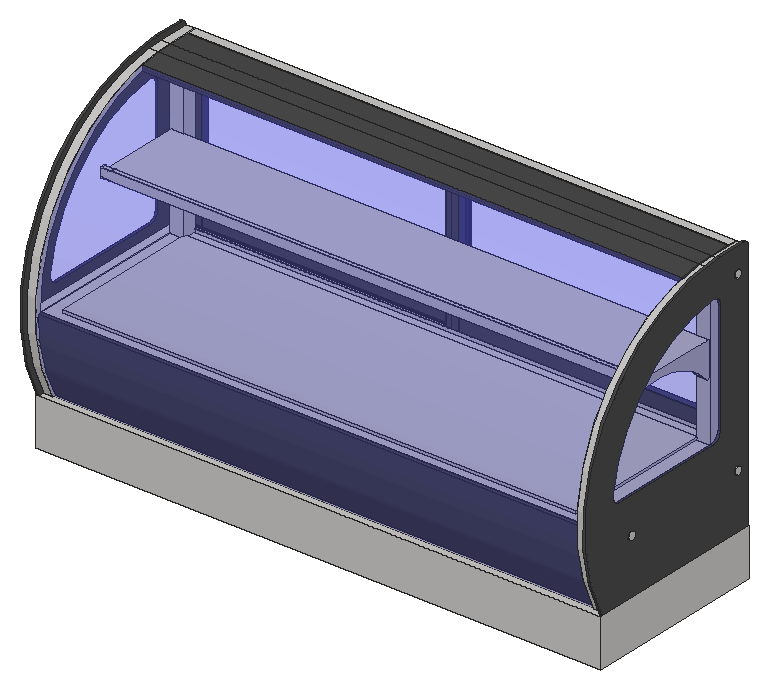
Revit family "Qf_Vollrath_HDC9260_Heated_Display_Case_Curved_Countertop-60 inches_cat", category Specialty Equipment, Revit 2019
Family settings
  Round Connector Dimension = Use Diameter
  Part Type = Normal
  Work Plane-Based = No
  Always vertical = Yes
  Cut with Voids When Loaded = No
  Shared = No
  Room Calculation Point = No
Parameters
  Weight in Pounds = 414.5
  Watts = Volts * FL Amps  # 696 W
  Volts = 120 V
  URL Cutsheet = ""
  Specification by User = ""
  Specification by Manufacturer = ""
  Serial Number = ""
  Seismic Rating = ""
  SMACNA No = ""
  Revision Code = ""
  Phase = 0
  Number of Poles = 1
  NAFEM Spec ID Number = ""
  Model = "HDC9260"
  Min Ckt Ampacity = 0 A
  Max Overcurrent Protection = 0 A
  Masterspec = ""
  Manufacturer = "Vollrath"
  Length = 59.9"
  Item Number = ""
  Installed By = ""
  Identify Quantity as Lot = yes
  Height = 32.0"
  HP = ""
  Furnished By = ""
  Foodservice Equipment Identifier = yes
  FL Amps = 5.8 A
  Electrical Remarks = ""
  Electric Connection Type = ""
  Elec Conn RI Height = 0.0"
  Elec Conn Connection Height = 0.0"
  Description = "Heated Display Case Curved Countertop-60\""
  Depth = 21.5"
  Cycle = 50 Hz
  Conn Plug = "NEMA 5-15P"
  Conn Conduit = yes
  CSI MasterFormat = ""
  Apparent Power = 0 VA
Reference planes (in)
  plane 1 "BACK": y = 0
  plane 2: z = 0
  plane 3 "LEFT": x = 0
  plane 4 "RIGHT": x = 59.9
  plane 5 "FRONT": y = -21.5
  plane 6 "TOP": z = 32
  plane 7 "Center Y": x = 29.95
  plane 8 "Center X": y = -10.75
  plane 9: x = 0.2
  plane 10: x = 0.45
  plane 11: x = 1.45
  plane 12: x = 59.7
  plane 13: x = 59.45
  plane 14: x = 58.45
  plane 15: z = 5
  plane 16: z = 22.08957
  plane 17: z = 30.55413
  plane 18: z = 13.66535
  plane 19: z = 15.3376
  plane 20: x = 2.2
  plane 21: y = -19.4
  plane 22: y = -17.14961
  plane 23: y = -3.20977
  plane 24: z = 29.82972
  plane 25: z = 28.6565
  plane 26: y = -7
  plane 27: x = 47.9
  plane 28: x = 23.95
Forms (in)
  Extrusion 1, solid, material "QF_Plastic_Black_Smooth"
    sketch origin (0.2, -21.42126, 48) x (0, -1, 0) y (0, 0, 1)
      loop
        line (-21.42126, -43) -> (-2.12853, -43)
        arc (-2.12853, -43) -> (-2.38846, -25.11346) -> (-17.78134, -16) r 18.29374
        line (-17.78134, -16) -> (-20.92126, -16)
        arc (-20.92126, -16) -> (-21.27481, -16.14645) -> (-21.42126, -16.5) r 0.5
        line (-21.42126, -16.5) -> (-21.42126, -43)
      loop
        arc (-17.79626, -32.38281) -> (-17.50337, -33.08992) -> (-16.79626, -33.38281) r 1
        line (-16.79626, -33.38281) -> (-4.56841, -33.38281)
        arc (-4.56841, -33.38281) -> (-3.81404, -33.03926) -> (-3.578, -32.24465) r 1
        arc (-3.578, -32.24465) -> (-7.95104, -23.64903) -> (-16.69233, -19.57498) r 14.79374
        arc (-16.69233, -19.57498) -> (-17.46561, -19.82662) -> (-17.79626, -20.56956) r 1
        line (-17.79626, -20.56956) -> (-17.79626, -32.38281)
    from 0 to -0.25
  Extrusion 2, solid, material "QF_Metal_Stainless_Polished"
    sketch origin (0.2, -21.42126, 48) x (0, -1, 0) y (0, 0, 1)
      loop
        circle (-19.8516, -37.03027) r 0.375
      loop
        circle (-5.88554, -37.03027) r 0.375
      loop
        circle (-19.8516, -18.47074) r 0.375
    from 0 to 0.2
  Extrusion 3, solid, material "QF_Metal_Stainless_Polished"
    sketch origin (0.45, -21.42126, 48.39448) x (0, -1, 0) y (0, 0, 1)
      loop
        line (-21.42126, -39.76948) -> (-20.42126, -39.76948) -> (-20.42126, -43.39448) -> (-2.71443, -43.39448)
        arc (-2.71443, -43.39448) -> (-2.46109, -26.43911) -> (-16.52881, -16.97084) r 17.79374
        arc (-16.52881, -16.97084) -> (-17.32478, -16.91358) -> (-18.12259, -16.89448) r 16.6716
        line (-18.12259, -16.89448) -> (-21.42126, -16.89448) -> (-21.42126, -39.76948)
      loop
        line (-20.92126, -34.72913) -> (-0.93618, -34.72913)
        arc (-0.93618, -34.72913) -> (-5.83712, -22.62102) -> (-17.80828, -17.39448) r 17.29374
        line (-17.80828, -17.39448) -> (-20.92126, -17.39448) -> (-20.92126, -34.72913)
    from 0 to -1
  Extrusion 4, solid, material "QF_Metal_Stainless_Polished"
    sketch origin (1.45, -21.42126, 48.39448) x (0, -1, 0) y (0, 0, 1)
      loop
        line (-20.01969, -34.46605) -> (-19.99213, -34.50992) -> (-19.99213, -34.6435) -> (-20.83465, -34.6435) -> (-20.83465, -34.50992) -> (-20.80709, -34.46605) -> (-20.80709, -34.35609)
        arc (-20.80709, -34.35609) -> (-20.81285, -34.34217) -> (-20.82677, -34.33641) r 0.01969
        line (-20.82677, -34.33641) -> (-20.90551, -34.33641)
        arc (-20.90551, -34.33641) -> (-20.91943, -34.34217) -> (-20.9252, -34.35609) r 0.01969
        line (-20.9252, -34.35609) -> (-20.9252, -34.46605) -> (-20.89764, -34.50992) -> (-20.89764, -34.6435) -> (-21.31102, -34.6435) -> (-21.31102, -34.36003) -> (-21.35827, -34.36003) -> (-21.35827, -34.72913) -> (-19.4685, -34.72913) -> (-19.4685, -34.36003) -> (-19.51575, -34.36003) -> (-19.51575, -34.6435) -> (-19.92913, -34.6435) -> (-19.92913, -34.50992) -> (-19.90157, -34.46605) -> (-19.90157, -34.35609)
        arc (-19.90157, -34.35609) -> (-19.90734, -34.34217) -> (-19.92126, -34.33641) r 0.01969
        line (-19.92126, -34.33641) -> (-20, -34.33641)
        arc (-20, -34.33641) -> (-20.01392, -34.34217) -> (-20.01969, -34.35609) r 0.01969
        line (-20.01969, -34.35609) -> (-20.01969, -34.46605)
    from 0 to -57
  Extrusion 5, solid, material "QF_Metal_Stainless_Polished"
    sketch origin (2.2, -3.37008, 49.48438) x (0, -1, 0) y (0, 0, 1)
      loop
        arc (8.55463, -26.77657) -> (8.65652, -26.76316) -> (8.75148, -26.72383) r 0.3937
        line (8.75148, -26.72383) -> (9.31447, -26.39879)
        arc (9.31447, -26.39879) -> (9.33464, -26.37861) -> (9.34203, -26.35105) r 0.05512
        line (9.34203, -26.35105) -> (9.34203, -25.45374)
        arc (9.34203, -25.45374) -> (9.32588, -25.41477) -> (9.28691, -25.39862) r 0.05512
        line (9.28691, -25.39862) -> (8.9247, -25.39862)
        arc (8.9247, -25.39862) -> (8.88573, -25.41477) -> (8.86959, -25.45374) r 0.05512
        line (8.86959, -25.45374) -> (8.86959, -25.91043)
        arc (8.86959, -25.91043) -> (8.85581, -25.92421) -> (8.84203, -25.91043) r 0.01378
        line (8.84203, -25.91043) -> (0, -25.91043) -> (0, -29.52049)
        arc (0, -29.52049) -> (0.07688, -29.63117) -> (0.20744, -29.59776) r 0.11811
        arc (0.20744, -29.59776) -> (2.98552, -27.51532) -> (6.37795, -26.77657) r 8.15869
        line (6.37795, -26.77657) -> (8.55463, -26.77657)
    from -0.5 to 0.5
  Extrusion 6, solid, material "QF_Plastic_Black_Smooth"
    sketch origin (46.07697, 0, 15.3376) x (0, 1, 0) y (1, 0, 0)
      loop
        line (-0.38189, -15.47047) -> (-0.38189, -15.3878)
        arc (-0.38189, -15.3878) -> (-0.40296, -15.36682) -> (-0.42944, -15.38034) r 0.02532
        arc (-0.42944, -15.38034) -> (-0.55527, -15.45742) -> (-0.6811, -15.38034) r 0.14124
        arc (-0.6811, -15.38034) -> (-0.70758, -15.36682) -> (-0.72866, -15.3878) r 0.02532
        line (-0.72866, -15.3878) -> (-0.72866, -15.47441) -> (-0.79917, -15.47441) -> (-0.82677, -15.55025) -> (-0.82677, -16.24213) -> (-0.96063, -16.19341) -> (-0.96063, -16.84843) -> (-0.14961, -16.84843) -> (-0.14961, -16.24213) -> (-0.34646, -16.24213) -> (-0.34646, -15.65945) -> (-0.16929, -15.65945)
        arc (-0.16929, -15.65945) -> (-0.15537, -15.65368) -> (-0.14961, -15.63976) r 0.01969
        line (-0.14961, -15.63976) -> (-0.14961, -15.49016)
        arc (-0.14961, -15.49016) -> (-0.15537, -15.47624) -> (-0.16929, -15.47047) r 0.01969
        line (-0.16929, -15.47047) -> (-0.38189, -15.47047)
    from 1.58661 to -14.49213
  Extrusion 7, solid, material "QF_Plastic_Black_Smooth"
    sketch origin (34.15041, 0, 15.3376) x (0, 1, 0) y (1, 0, 0)
      loop
        line (-0.38189, -32.59646) -> (-0.16929, -32.59646)
        arc (-0.16929, -32.59646) -> (-0.15537, -32.59069) -> (-0.14961, -32.57677) r 0.01969
        line (-0.14961, -32.57677) -> (-0.14961, -32.42717)
        arc (-0.14961, -32.42717) -> (-0.15537, -32.41325) -> (-0.16929, -32.40748) r 0.01969
        line (-0.16929, -32.40748) -> (-0.34646, -32.40748) -> (-0.34646, -31.8248) -> (-0.14961, -31.8248) -> (-0.14961, -31.2185) -> (-0.96063, -31.2185) -> (-0.96063, -31.87352) -> (-0.82677, -31.8248) -> (-0.82677, -32.51668) -> (-0.79917, -32.59252) -> (-0.72866, -32.59252) -> (-0.72866, -32.67913)
        arc (-0.72866, -32.67913) -> (-0.70758, -32.70011) -> (-0.6811, -32.68659) r 0.02532
        arc (-0.6811, -32.68659) -> (-0.55527, -32.60951) -> (-0.42944, -32.68659) r 0.14124
        arc (-0.42944, -32.68659) -> (-0.40296, -32.70011) -> (-0.38189, -32.67913) r 0.02532
        line (-0.38189, -32.67913) -> (-0.38189, -32.59646)
    from 1.58661 to -14.49213
  Extrusion 8, solid, material "QF_Plastic_Black_Smooth"
    sketch origin (73.81652, -0.90551, 15.3376) x (0, 1, 0) y (1, 0, 0)
      loop
        line (-0.38189, -15.47047) -> (-0.38189, -15.3878)
        arc (-0.38189, -15.3878) -> (-0.40296, -15.36682) -> (-0.42944, -15.38034) r 0.02532
        arc (-0.42944, -15.38034) -> (-0.55527, -15.45742) -> (-0.6811, -15.38034) r 0.14124
        arc (-0.6811, -15.38034) -> (-0.70758, -15.36682) -> (-0.72866, -15.3878) r 0.02532
        line (-0.72866, -15.3878) -> (-0.72866, -15.47441) -> (-0.79917, -15.47441) -> (-0.82677, -15.55025) -> (-0.82677, -16.24213) -> (-0.96063, -16.19341) -> (-0.96063, -16.84843) -> (-0.14961, -16.84843) -> (-0.14961, -16.24213) -> (-0.34646, -16.24213) -> (-0.34646, -15.65945) -> (-0.16929, -15.65945)
        arc (-0.16929, -15.65945) -> (-0.15537, -15.65368) -> (-0.14961, -15.63976) r 0.01969
        line (-0.14961, -15.63976) -> (-0.14961, -15.49016)
        arc (-0.14961, -15.49016) -> (-0.15537, -15.47624) -> (-0.16929, -15.47047) r 0.01969
        line (-0.16929, -15.47047) -> (-0.38189, -15.47047)
    from 1.58661 to -14.49213
  Extrusion 9, solid, material "QF_Plastic_Black_Smooth"
    sketch origin (61.88996, -0.90551, 15.3376) x (0, 1, 0) y (1, 0, 0)
      loop
        line (-0.38189, -32.59646) -> (-0.16929, -32.59646)
        arc (-0.16929, -32.59646) -> (-0.15537, -32.59069) -> (-0.14961, -32.57677) r 0.01969
        line (-0.14961, -32.57677) -> (-0.14961, -32.42717)
        arc (-0.14961, -32.42717) -> (-0.15537, -32.41325) -> (-0.16929, -32.40748) r 0.01969
        line (-0.16929, -32.40748) -> (-0.34646, -32.40748) -> (-0.34646, -31.8248) -> (-0.14961, -31.8248) -> (-0.14961, -31.2185) -> (-0.96063, -31.2185) -> (-0.96063, -31.87352) -> (-0.82677, -31.8248) -> (-0.82677, -32.51668) -> (-0.79917, -32.59252) -> (-0.72866, -32.59252) -> (-0.72866, -32.67913)
        arc (-0.72866, -32.67913) -> (-0.70758, -32.70011) -> (-0.6811, -32.68659) r 0.02532
        arc (-0.6811, -32.68659) -> (-0.55527, -32.60951) -> (-0.42944, -32.68659) r 0.14124
        arc (-0.42944, -32.68659) -> (-0.40296, -32.70011) -> (-0.38189, -32.67913) r 0.02532
        line (-0.38189, -32.67913) -> (-0.38189, -32.59646)
    from 1.58661 to -14.49213
  Extrusion 10, solid, material "QF_Plastic_Black_Smooth"
    sketch origin (56.9799, -1.05512, 15.3376) x (1, 0, 0) y (0, 0, -1)
      loop
        line (-0.01181, -0.08661) -> (-0.01181, 1.58661) -> (-26.30845, 1.58661) -> (-26.30845, -0.08661) -> (-0.01181, -0.08661)
      loop
        line (-0.01181, -13.3189) -> (-26.30845, -13.3189) -> (-26.30845, -14.49213) -> (-0.01181, -14.49213) -> (-0.01181, -13.3189)
    from 0 to -0.81102
  Extrusion 11, solid, material "QF_Plastic_Black_Smooth"
    sketch origin (23.24035, -0.14961, 15.3376) x (1, 0, 0) y (0, 0, -1)
      loop
        line (5.98819, -0.08661) -> (5.98819, 1.58661) -> (-20.30845, 1.58661) -> (-20.30845, -0.08661) -> (5.98819, -0.08661)
      loop
        line (5.98819, -13.3189) -> (-20.30845, -13.3189) -> (-20.30845, -14.49213) -> (5.98819, -14.49213) -> (5.98819, -13.3189)
    from 0 to -0.81102
  Extrusion 12, solid, material "Glass"
    sketch origin (56.96809, -1.05512, 15.42421) x (-1, 0, 0) y (0, -1, 0)
      loop
        line (0, 0.13) -> (26.29664, 0.13) -> (26.29664, 0.69102) -> (0, 0.69102) -> (0, 0.13)
      loop
        line (27.73955, -0.77551) -> (54.03618, -0.77551) -> (54.03618, -0.22449) -> (27.73955, -0.22449) -> (27.73955, -0.77551)
    from 0 to 13.23228
  Extrusion 13, solid, material "QF_Metal_Stainless_Polished"
    sketch origin (0, 0, -5) x (1, 0, 0) y (0, 0, 1)
      loop
        line (58.45, 36.5) -> (1.45, 36.5) -> (1.45, 35.35728) -> (58.45, 35.35728) -> (58.45, 36.5)
    from 0 to 1
  Extrusion 14, solid, material "QF_Metal_Stainless_Polished"
    sketch origin (-45.07972, -0.125, 0) x (1, 0, 0) y (0, 0, 1)
      loop
        line (103.00216, 13.66535) -> (103.52972, 13.66535) -> (103.52972, 30.35728) -> (46.52972, 30.35728) -> (46.52972, 13.66535) -> (47.05728, 13.66535) -> (47.05728, 29.82972) -> (103.00216, 29.82972) -> (103.00216, 13.66535)
    from 0 to 0.125
  Extrusion 15, solid, material "QF_Metal_Stainless_Polished"
    sketch origin (33.31121, 0, 13.66535) x (0, 1, 0) y (1, 0, 0)
      loop
        line (-1.95276, -31.86121) -> (-1.95276, -30.36121) -> (-3.37008, -30.36121) -> (-3.37008, -31.86121) -> (-1.95276, -31.86121)
      loop
        line (-1.95276, 25.13879) -> (-3.37008, 25.13879) -> (-3.37008, 23.63879) -> (-1.95276, 23.63879) -> (-1.95276, 25.13879)
    from 0 to -17.33465
  Extrusion 16, solid, material "QF_Metal_Stainless_Polished"
    sketch origin (2.7, -3.37008, 49.48438) x (0, 1, 0) y (0, 0, 1)
      loop
        line (0, -25.91043) -> (-8.84203, -25.91043)
        arc (-8.84203, -25.91043) -> (-8.85581, -25.92421) -> (-8.86959, -25.91043) r 0.01378
        line (-8.86959, -25.91043) -> (-8.86959, -25.45374)
        arc (-8.86959, -25.45374) -> (-8.88573, -25.41477) -> (-8.9247, -25.39862) r 0.05512
        line (-8.9247, -25.39862) -> (-9.28691, -25.39862)
        arc (-9.28691, -25.39862) -> (-9.32588, -25.41477) -> (-9.34203, -25.45374) r 0.05512
        line (-9.34203, -25.45374) -> (-9.34203, -26.35105) -> (0, -26.35105) -> (0, -25.91043)
    from 0 to 54.5
  Extrusion 17, solid, material "QF_Metal_Stainless_Polished"
    sketch origin (-79.5026, 0, 0) x (1, 0, 0) y (0, 0, 1)
      loop
        line (80.9526, 13.66437) -> (80.9526, 8.625) -> (137.9526, 8.625) -> (137.9526, 13.66437) -> (80.9526, 13.66437)
    from 0 to 3
  Extrusion 18, solid, material "QF_Metal_Stainless_Polished"
    sketch origin (-79.5026, 0, 0) x (1, 0, 0) y (0, 0, 1)
      loop
        line (138.35516, 0) -> (138.35516, 0.70374) -> (80.55004, 0.70374) -> (80.55004, 0) -> (138.35516, 0)
    from 3 to 0.5
  Extrusion 19, solid, material "QF_Metal_Stainless_Polished"
    sketch origin (-55.5026, 0, 0) x (1, 0, 0) y (0, 0, 1)
      loop
        line (114.35516, 0.70374) -> (114.35516, 8.625) -> (113.13862, 8.625) -> (113.13862, 0.70374) -> (114.35516, 0.70374)
    from 3 to 0.5
  Extrusion 20, solid, material "QF_Metal_Stainless_Polished"
    sketch origin (-80.67976, 0, 0) x (1, 0, 0) y (0, 0, 1)
      loop
        line (138.31579, 0.70374) -> (138.31579, 8.625) -> (89.52248, 8.625) -> (89.52248, 0.70374) -> (138.31579, 0.70374)
    from 3 to 0.5
  Extrusion 21, solid, material "QF_Metal_Stainless_Polished"
    sketch origin (-105.47307, 0, 0) x (1, 0, 0) y (0, 0, 1)
      loop
        line (114.31579, 0.70374) -> (114.31579, 8.625) -> (113.41027, 8.625) -> (113.41027, 0.70374) -> (114.31579, 0.70374)
    from 3 to 0.5
  Extrusion 22, solid, material "QF_Metal_Stainless_Polished"
    sketch origin (-106.37858, 0, 0) x (1, 0, 0) y (0, 0, 1)
      loop
        line (114.31579, 0.70374) -> (114.31579, 8.625) -> (108.60712, 8.625) -> (108.60712, 0.70374) -> (114.31579, 0.70374)
    from 3 to 0.5
  Extrusion 23, solid, material "QF_Metal_Stainless_Polished"
    sketch origin (-112.08724, 0, 0) x (1, 0, 0) y (0, 0, 1)
      loop
        line (114.31579, 0.70374) -> (114.31579, 8.625) -> (113.13468, 8.625) -> (113.13468, 0.70374) -> (114.31579, 0.70374)
    from 3 to 0.5
  Extrusion 24, solid, material "QF_Metal_Stainless_Polished"
    sketch origin (-79.5026, 0, 0) x (-1, 0, 0) y (0, 0, 1)
      loop
        line (-81.14413, 11.28248) -> (-84.95201, 11.28248)
        arc (-84.95201, 11.28248) -> (-85.01854, 11.25492) -> (-85.0461, 11.18839) r 0.09409
        line (-85.0461, 11.18839) -> (-85.0461, 8.87657)
        arc (-85.0461, 8.87657) -> (-85.01854, 8.81004) -> (-84.95201, 8.78248) r 0.09409
        line (-84.95201, 8.78248) -> (-81.14413, 8.78248)
        arc (-81.14413, 8.78248) -> (-81.0776, 8.81004) -> (-81.05004, 8.87657) r 0.09409
        line (-81.05004, 8.87657) -> (-81.05004, 11.18839)
        arc (-81.05004, 11.18839) -> (-81.0776, 11.25492) -> (-81.14413, 11.28248) r 0.09409
    from 0 to 0.06
  Extrusion 25, solid, material "QF_Metal_Stainless_Polished"
    sketch origin (0, 0, 0) x (1, 0, 0) y (0, 1, 0)
      loop
        line (59.7, 0) -> (58.85256, 0) -> (58.85256, -3) -> (1.04744, -3) -> (1.04744, 0) -> (0.2, 0) -> (0.2, -19.4) -> (59.7, -19.4) -> (59.7, 0)
    from 0 to 5
  Extrusion 26, solid, material "QF_Metal_Stainless_Polished"
    sketch origin (0, 0, 0) x (1, 0, 0) y (0, 0, 1)
      loop
        line (0.45, 8.625) -> (0.45, 5) -> (1.04744, 5) -> (1.04744, 8.625) -> (0.45, 8.625)
      loop
        line (59.45, 8.625) -> (58.85256, 8.625) -> (58.85256, 5) -> (59.45, 5) -> (59.45, 8.625)
    from 0 to 1
  Extrusion 27, solid, material "QF_Plastic_Black_Smooth"
    sketch origin (7.23536, -0.5, 1.36639) x (0, -0.34076, 0.94015) y (1, 0, 0)
      loop
        line (4.80772, -0.13) -> (0.38, -0.13)
        arc (0.38, -0.13) -> (0.20322, -0.20322) -> (0.13, -0.38) r 0.25
        line (0.13, -0.38) -> (0.13, -3.92346)
        arc (0.13, -3.92346) -> (0.20322, -4.10023) -> (0.38, -4.17346) r 0.25
        line (0.38, -4.17346) -> (4.80772, -4.17346)
        arc (4.80772, -4.17346) -> (4.98449, -4.10023) -> (5.05772, -3.92346) r 0.25
        line (5.05772, -3.92346) -> (5.05772, -0.38)
        arc (5.05772, -0.38) -> (4.98449, -0.20322) -> (4.80772, -0.13) r 0.25
    from 0 to 0.06
  Extrusion 28, solid, material "QF_Plastic_White_Smooth"
    sketch origin (7.23536, -0.44359, 1.38683) x (0, -0.34076, 0.94015) y (1, 0, 0)
      loop
        circle (0.93442, -3.29352) r 0.5
    from 0 to 0.25
  Extrusion 29, solid, material "QF_Plastic_Black_Smooth"
    sketch origin (7.23536, -0.44359, 1.38683) x (0, -0.34076, 0.94015) y (1, 0, 0)
      loop
        arc (4.45141, -0.68195) -> (3.82641, -0.37591) -> (3.20141, -0.68195) r 0.79121
        line (3.20141, -0.68195) -> (3.20141, -3.6215)
        arc (3.20141, -3.6215) -> (3.82641, -3.92755) -> (4.45141, -3.6215) r 0.79121
        line (4.45141, -3.6215) -> (4.45141, -0.68195)
    from 0 to 0.06
  Extrusion 30, solid, material "QF_Plastic_Black_Smooth"
    sketch origin (-75.7526, 0, 0) x (-1, 0, 0) y (0, 0, 1)
      loop
        line (-77.49689, 13.52657) -> (-81.11894, 13.52657)
        arc (-81.11894, 13.52657) -> (-81.25813, 13.46892) -> (-81.31579, 13.32972) r 0.19685
        line (-81.31579, 13.32972) -> (-81.31579, 11.59744)
        arc (-81.31579, 11.59744) -> (-81.25813, 11.45825) -> (-81.11894, 11.40059) r 0.19685
        line (-81.11894, 11.40059) -> (-77.49689, 11.40059)
        arc (-77.49689, 11.40059) -> (-77.35769, 11.45825) -> (-77.30004, 11.59744) r 0.19685
        line (-77.30004, 11.59744) -> (-77.30004, 13.32972)
        arc (-77.30004, 13.32972) -> (-77.35769, 13.46892) -> (-77.49689, 13.52657) r 0.19685
      loop
        line (-81.41421, 8.97933) -> (-81.41421, 11.2628)
        arc (-81.41421, 11.2628) -> (-81.47187, 11.40199) -> (-81.61106, 11.45965) r 0.19685
        line (-81.61106, 11.45965) -> (-84.17012, 11.45965)
        arc (-84.17012, 11.45965) -> (-84.30931, 11.40199) -> (-84.36697, 11.2628) r 0.19685
        line (-84.36697, 11.2628) -> (-84.36697, 8.97933)
        arc (-84.36697, 8.97933) -> (-84.30931, 8.84014) -> (-84.17012, 8.78248) r 0.19685
        line (-84.17012, 8.78248) -> (-81.61106, 8.78248)
        arc (-81.61106, 8.78248) -> (-81.47187, 8.84014) -> (-81.41421, 8.97933) r 0.19685
    from 0 to 0.06
  Extrusion 31, solid, material "QF_Metal_Stainless_Polished"
    sketch origin (1.38012, 0, 13.66437) x (1, 0, 0) y (0, 1, 0)
      loop
        line (1.56988, -3.20977) -> (1.56988, -19.27781) -> (55.56988, -19.27781) -> (55.56988, -3.20977) -> (1.56988, -3.20977)
    from 0 to 0.25
  Extrusion 32, solid, material "Glass"
    sketch origin (1.45, -21.42126, 48.39448) x (0, 1, 0) y (0, 0, 1)
      loop
        line (2.71443, -43.39448) -> (3.00178, -43.39448)
        arc (3.00178, -43.39448) -> (2.18358, -27.59085) -> (14.42126, -17.55774) r 17.54374
        line (14.42126, -17.55774) -> (14.42126, -17.30172)
        arc (14.42126, -17.30172) -> (1.99525, -27.39923) -> (2.71443, -43.39448) r 17.79374
    from 0 to 57
  Extrusion 33, solid, material "Glass"
    sketch origin (0.2, -21.42126, 48) x (0, -1, 0) y (0, 0, 1)
      loop
        arc (-16.69233, -19.57498) -> (-17.46561, -19.82662) -> (-17.79626, -20.56956) r 1
        line (-17.79626, -20.56956) -> (-17.79626, -32.38281)
        arc (-17.79626, -32.38281) -> (-17.50337, -33.08992) -> (-16.79626, -33.38281) r 1
        line (-16.79626, -33.38281) -> (-4.56841, -33.38281)
        arc (-4.56841, -33.38281) -> (-3.81404, -33.03926) -> (-3.578, -32.24465) r 1
        arc (-3.578, -32.24465) -> (-7.95104, -23.64903) -> (-16.69233, -19.57498) r 14.79374
    from 0 to -0.25
  Extrusion 34, solid, material "QF_Plastic_Black_Smooth"
    sketch origin (1.45, -21.42126, 48.39448) x (0, -1, 0) y (0, 0, 1)
      loop
        line (-0.68618, -34.72913) -> (-1.18618, -34.72913)
        arc (-1.18618, -34.72913) -> (-1.80176, -39.22252) -> (-3.58061, -43.39448) r 17.04374
        line (-3.58061, -43.39448) -> (-3.00178, -43.39448)
        arc (-3.00178, -43.39448) -> (-1.28085, -39.21229) -> (-0.68618, -34.72913) r 17.54374
    from 0 to -57
  Extrusion 35, solid, material "QF_Metal_Stainless_Polished"
    sketch origin (1.45, -21.42126, 48.39448) x (0, -1, 0) y (0, 0, 1)
      loop
        line (-18.42126, -34.72913) -> (-18.42126, -43.39448) -> (-3.58061, -43.39448)
        arc (-3.58061, -43.39448) -> (-1.80176, -39.22252) -> (-1.18618, -34.72913) r 17.04374
        line (-1.18618, -34.72913) -> (-18.42126, -34.72913)
    from 0 to -57
  Extrusion 36, solid, material "QF_Plastic_Black_Smooth"
    sketch origin (1.45, -21.42126, 48.39448) x (0, 1, 0) y (0, 0, 1)
      loop
        line (20.42126, -16.89448) -> (18.12259, -16.89448)
        arc (18.12259, -16.89448) -> (17.32478, -16.91358) -> (16.52881, -16.97084) r 16.6716
        arc (16.52881, -16.97084) -> (15.47007, -17.10466) -> (14.42126, -17.30172) r 17.79374
        line (14.42126, -17.30172) -> (14.42126, -17.81394)
        arc (14.42126, -17.81394) -> (16.1044, -17.52045) -> (17.80828, -17.39448) r 17.29374
        line (17.80828, -17.39448) -> (20.42126, -17.39448) -> (20.42126, -16.89448)
    from 0 to 57
  Extrusion 37, solid, material "QF_Plastic_Black_Smooth"
    sketch origin (59.7, -21.42126, 48) x (0, -1, 0) y (0, 0, -1)
      loop
        line (-21.42126, 43) -> (-21.42126, 16.5)
        arc (-21.42126, 16.5) -> (-21.27481, 16.14645) -> (-20.92126, 16) r 0.5
        line (-20.92126, 16) -> (-17.78134, 16)
        arc (-17.78134, 16) -> (-2.38846, 25.11346) -> (-2.12853, 43) r 18.29374
        line (-2.12853, 43) -> (-21.42126, 43)
      loop
        line (-17.79626, 32.38281) -> (-17.79626, 20.56956)
        arc (-17.79626, 20.56956) -> (-17.46561, 19.82662) -> (-16.69233, 19.57498) r 1
        arc (-16.69233, 19.57498) -> (-7.95104, 23.64903) -> (-3.578, 32.24465) r 14.79374
        arc (-3.578, 32.24465) -> (-3.81404, 33.03926) -> (-4.56841, 33.38281) r 1
        line (-4.56841, 33.38281) -> (-16.79626, 33.38281)
        arc (-16.79626, 33.38281) -> (-17.50337, 33.08992) -> (-17.79626, 32.38281) r 1
    from 0 to -0.25
  Extrusion 38, solid, material "QF_Metal_Stainless_Polished"
    sketch origin (59.7, -21.42126, 48) x (0, -1, 0) y (0, 0, -1)
      loop
        circle (-19.8516, 37.03027) r 0.375
      loop
        circle (-5.88554, 37.03027) r 0.375
      loop
        circle (-19.8516, 18.47074) r 0.375
    from 0 to 0.2
  Extrusion 39, solid, material "Glass"
    sketch origin (59.7, -21.42126, 48) x (0, -1, 0) y (0, 0, -1)
      loop
        arc (-16.69233, 19.57498) -> (-7.95104, 23.64903) -> (-3.578, 32.24465) r 14.79374
        arc (-3.578, 32.24465) -> (-3.81404, 33.03926) -> (-4.56841, 33.38281) r 1
        line (-4.56841, 33.38281) -> (-16.79626, 33.38281)
        arc (-16.79626, 33.38281) -> (-17.50337, 33.08992) -> (-17.79626, 32.38281) r 1
        line (-17.79626, 32.38281) -> (-17.79626, 20.56956)
        arc (-17.79626, 20.56956) -> (-17.46561, 19.82662) -> (-16.69233, 19.57498) r 1
    from 0 to -0.25
  Extrusion 40, solid, material "QF_Metal_Stainless_Polished"
    sketch origin (59.45, -21.42126, 48.39448) x (0, -1, 0) y (0, 0, -1)
      loop
        line (-21.42126, 39.76948) -> (-21.42126, 16.89448) -> (-18.12259, 16.89448)
        arc (-18.12259, 16.89448) -> (-17.32478, 16.91358) -> (-16.52881, 16.97084) r 16.6716
        arc (-16.52881, 16.97084) -> (-2.46109, 26.43911) -> (-2.71443, 43.39448) r 17.79374
        line (-2.71443, 43.39448) -> (-20.42126, 43.39448) -> (-20.42126, 39.76948) -> (-21.42126, 39.76948)
      loop
        line (-20.92126, 34.72913) -> (-20.92126, 17.39448) -> (-17.80828, 17.39448)
        arc (-17.80828, 17.39448) -> (-5.83712, 22.62102) -> (-0.93618, 34.72913) r 17.29374
        line (-0.93618, 34.72913) -> (-20.92126, 34.72913)
    from 0 to -1
  Extrusion 41, solid, material "QF_Metal_Stainless_Polished"
    sketch origin (57.7, -3.37008, 49.48438) x (0, -1, 0) y (0, 0, -1)
      loop
        line (8.55463, 26.77657) -> (6.37795, 26.77657)
        arc (6.37795, 26.77657) -> (2.98552, 27.51532) -> (0.20744, 29.59776) r 8.15869
        arc (0.20744, 29.59776) -> (0.07688, 29.63117) -> (0, 29.52049) r 0.11811
        line (0, 29.52049) -> (0, 25.91043) -> (8.84203, 25.91043)
        arc (8.84203, 25.91043) -> (8.85581, 25.92421) -> (8.86959, 25.91043) r 0.01378
        line (8.86959, 25.91043) -> (8.86959, 25.45374)
        arc (8.86959, 25.45374) -> (8.88573, 25.41477) -> (8.9247, 25.39862) r 0.05512
        line (8.9247, 25.39862) -> (9.28691, 25.39862)
        arc (9.28691, 25.39862) -> (9.32588, 25.41477) -> (9.34203, 25.45374) r 0.05512
        line (9.34203, 25.45374) -> (9.34203, 26.35105)
        arc (9.34203, 26.35105) -> (9.33464, 26.37861) -> (9.31447, 26.39879) r 0.05512
        line (9.31447, 26.39879) -> (8.75148, 26.72383)
        arc (8.75148, 26.72383) -> (8.65652, 26.76316) -> (8.55463, 26.77657) r 0.3937
    from -0.5 to 0.5
  Extrusion 42, void
    sketch origin (7.23536, 0, 2.05972) x (0, 0, 1) y (0, -1, 0)
      loop
        line (-0.69333, 0.5) -> (-0.69333, -1.5) -> (5.95167, -1.5) -> (5.95167, 0.5) -> (4.1839, 2.26777) -> (-0.69333, 0.5)
    from 0 to -4.30346
Cuts and joins
  Extrusion 42 cuts Extrusion 20
  Extrusion 42 cuts Extrusion 22
  joined: Extrusion 5, Extrusion 16, Extrusion 41
Lines and regions (in)
  symbolic lines
    curve 1: line (0.2, 0, 0) -> (0.2, -21.50006, 0)
    curve 2: line (59.7, 0, 0) -> (0.2, 0, 0)
    curve 3: line (0.45, -21.50006, 0) -> (0.45, 0, 0)
    curve 4: line (1.45, -20.98514, 0) -> (1.45, -1, 0)
    curve 5: line (1.45, -1, 0) -> (58.45, -1, 0)
    curve 6: line (0.2, -21.50006, 0) -> (0.45, -21.50006, 0)
    curve 7: line (59.45, -20.98514, 0) -> (0.45, -20.98514, 0)
    curve 8: line (1.45, -7, 0) -> (58.45, -7, 0)
    curve 9: line (58.45, -1, 0) -> (58.45, -20.98514, 0)
    curve 10: line (59.45, 0, 0) -> (59.45, -21.50006, 0)
    curve 11: line (59.7, 0, 0) -> (59.7, -21.50006, 0)
    curve 12: line (59.9, -1.19466, 0) -> (59.7, -1.19466, 0)
    curve 13: line (59.9, -1.19466, 0) -> (59.9, -1.94466, 0)
    curve 14: line (59.9, -1.94466, 0) -> (59.7, -1.94466, 0)
    curve 15: line (59.9, -15.16072, 0) -> (59.7, -15.16072, 0)
    curve 16: line (59.9, -15.16072, 0) -> (59.9, -15.91072, 0)
    curve 17: line (59.9, -15.91072, 0) -> (59.7, -15.91072, 0)
    curve 18: line (0, -15.16072, 0) -> (0, -15.91072, 0)
    curve 19: line (0, -15.91072, 0) -> (0.2, -15.91072, 0)
    curve 20: line (0, -15.16072, 0) -> (0.2, -15.16072, 0)
    curve 21: line (0, -1.19466, 0) -> (0, -1.94466, 0)
    curve 22: line (0, -1.94466, 0) -> (0.2, -1.94466, 0)
    curve 23: line (0, -1.19466, 0) -> (0.2, -1.19466, 0)
    curve 24: line (59.7, -21.50006, 0) -> (59.45, -21.50006, 0)
Dimensions and locks (in)
  equal spacing: plane 3 "LEFT", plane 7 "Center Y", plane 4 "RIGHT"
  "Length": plane 3 "LEFT" to plane 4 "RIGHT"
  equal spacing: plane 5 "FRONT", plane 8 "Center X", plane 1 "BACK"
  "Depth": plane 5 "FRONT" to plane 1 "BACK"
  "Height": plane 6 "TOP" to level
  plane 3 "LEFT" to plane 9 = 0.2"
  plane 9 to plane 10 = 0.25"
  plane 15 to plane 2 = 5.0"
  plane 6 "TOP" to plane 2 = 32.0"  (x2)
  plane 5 "FRONT" to plane 1 "BACK" = 21.5"
  plane 1 "BACK" to plane 5 "FRONT" = 21.5"
  plane 1 "BACK" to plane 21 = 19.4"
  plane 26 to plane 1 "BACK" = 7.0"
  plane 14 to plane 13 to plane 12 to plane 4 "RIGHT" = 1.0" locked, 0.25" locked, 0.2" locked
  equal spacing: plane 27, plane 28, plane 3 "LEFT"
  aligned and locked: level to plane 2
Automatic sketch dimensions
  curve 18 to plane 3 "LEFT" = 0.0"
  curve 22 to plane 3 "LEFT" = 0.0"
  plane 1 "BACK" to curve 2 = 0.0"
  curve 2 to plane 9 = 0.0"
  curve 7 to plane 10 = 0.0"
  curve 8 to plane 11 = 0.0"
  curve 5 to plane 14 = 0.0"
  curve 10 to plane 13 = 0.0"
  curve 24 to plane 12 = 0.0"
  curve 15 to plane 4 "RIGHT" = 0.0"
  curve 12 to plane 4 "RIGHT" = 0.0"
  curve 8 to plane 26 = 0.0"
  curve 20 to plane 22 = 1.98888"
  curve 15 to plane 22 = 1.98888"
  curve 19 to curve 18 = 0.75"
  curve 16 to curve 15 = 0.75"
  plane 5 "FRONT" to curve 6 = 0.00006"
  plane 5 "FRONT" to curve 10 = 0.00006"
  curve 14 to plane 23 = 1.26511"
  curve 22 to plane 23 = 1.26511"
  curve 13 to curve 12 = 0.75"
  curve 21 to curve 23 = 0.75"
  plane 1 "BACK" to curve 5 = 1.0"
  curve 4 to plane 5 "FRONT" = 0.51486"
  Extrusion 1 sketch curve to plane 1 "BACK" = 0.0"
  Extrusion 1 sketch curve to plane 6 "TOP" = 0.0"
  Extrusion 1 sketch curve to plane 15 = 0.0"
  plane 1 "BACK" to Extrusion 1 sketch curve = 0.5"
  Extrusion 1 sketch curve to plane 23 = 0.01838"
  Extrusion 1 sketch curve to plane 23 = 0.00346"
  plane 23 to Extrusion 1 sketch curve = 0.41523"
  plane 23 to Extrusion 1 sketch curve = 0.43015"
  Extrusion 1 sketch curve to Extrusion 1 sketch curve = 1.0"  (x2)
  plane 19 to Extrusion 1 sketch curve = 0.72041"
  Extrusion 1 sketch curve to plane 22 = 0.29676"
  Extrusion 1 sketch curve to plane 21 = 0.10727"
  Extrusion 1 sketch curve to Extrusion 1 sketch curve = 0.0"  (x2)
  Extrusion 1 sketch curve to plane 19 = 0.27959"
  plane 25 to Extrusion 1 sketch curve = 1.22606"
  Extrusion 2 sketch curve to Extrusion 1 = 1.56966"  (x2)
  Extrusion 2 sketch curve to Extrusion 1 = 3.64745"  (x2)
  Extrusion 1 to Extrusion 2 sketch curve = 11.91072"
  Extrusion 2 sketch curve to Extrusion 1 = 2.47074"
  Extrusion 3 sketch curve to Extrusion 3 sketch curve = 0.0"  (x2)
  Extrusion 3 sketch curve to plane 1 "BACK" = 0.0"
  plane 18 to Extrusion 3 sketch curve = 0.0"
  Extrusion 3 sketch curve to plane 15 = 0.0"
  plane 1 "BACK" to Extrusion 3 sketch curve = 0.5"
  Extrusion 3 sketch curve to Extrusion 3 sketch curve = 1.0"
  Extrusion 3 sketch curve to plane 23 = 0.01838"
  plane 23 to Extrusion 3 sketch curve = 0.0889"
  plane 23 to Extrusion 3 sketch curve = 0.40321"
  Extrusion 3 sketch curve to plane 21 = 0.69317"
  Extrusion 3 sketch curve to plane 5 "FRONT" = 1.01492"
  plane 15 to Extrusion 3 sketch curve = 3.625"
  Extrusion 3 sketch curve to plane 18 = 0.04604"
  Extrusion 3 sketch curve to Extrusion 3 sketch curve = 1.117"
  Extrusion 3 sketch curve to plane 6 "TOP" = 0.5"
  plane 18 to Extrusion 4 sketch curve = 0.0"
  plane 1 "BACK" to Extrusion 4 sketch curve = 0.06299"
  Extrusion 4 sketch curve to Extrusion 4 sketch curve = 0.04724"  (x2)
  Extrusion 4 sketch curve to Extrusion 4 sketch curve = 0.38583"
  Extrusion 4 sketch curve to Extrusion 4 sketch curve = 0.01969"  (x2)
  Extrusion 4 sketch curve to Extrusion 4 sketch curve = 0.02756"  (x4)
  Extrusion 4 sketch curve to Extrusion 4 sketch curve = 0.06299"  (x2)
  Extrusion 4 sketch curve to Extrusion 4 sketch curve = 0.07874"  (x2)
  Extrusion 4 sketch curve to plane 18 = 0.26308"  (x2)
  Extrusion 4 sketch curve to plane 18 = 0.37303"
  Extrusion 4 sketch curve to Extrusion 4 sketch curve = 0.7874"
  Extrusion 4 sketch curve to plane 18 = 0.08563"  (x3)
  Extrusion 4 sketch curve to plane 18 = 0.21921"
  Extrusion 4 sketch curve to Extrusion 4 sketch curve = 0.41339"
  Extrusion 4 sketch curve to Extrusion 4 sketch curve = 0.0"  (x2)
  Extrusion 4 sketch curve to Extrusion 4 sketch curve = 0.04387"  (x3)
  Extrusion 4 sketch curve to Extrusion 4 sketch curve = 0.28346"  (x2)
  Extrusion 4 sketch curve to Extrusion 4 sketch curve = 0.10996"
  plane 23 to Extrusion 5 sketch curve = 0.1603"
  Extrusion 5 sketch curve to Extrusion 5 sketch curve = 0.11811"
  plane 8 "Center X" to Extrusion 5 sketch curve = 1.00197"
  Extrusion 5 sketch curve to plane 16 = 0.61823"
  Extrusion 5 sketch curve to plane 8 "Center X" = 1.1747"
  Extrusion 5 sketch curve to plane 16 = 0.67098"
  Extrusion 5 sketch curve to Extrusion 5 sketch curve = 0.19685"
  Extrusion 5 sketch curve to Extrusion 5 sketch curve = 0.2874"
  Extrusion 5 sketch curve to Extrusion 5 sketch curve = 0.01378"
  Extrusion 5 sketch curve to Extrusion 5 sketch curve = 0.05512"  (x2)
  Extrusion 5 sketch curve to Extrusion 5 sketch curve = 0.3622"
  Extrusion 5 sketch curve to Extrusion 5 sketch curve = 0.41732"
  Extrusion 5 sketch curve to Extrusion 5 sketch curve = 0.02756"
  plane 16 to Extrusion 5 sketch curve = 2.12568"
  plane 19 to Extrusion 5 sketch curve = 0.78849"
  Extrusion 5 sketch curve to Extrusion 5 sketch curve = 0.32504"
  Extrusion 5 sketch curve to plane 16 = 1.48438"
  Extrusion 5 sketch curve to Extrusion 5 sketch curve = 0.45669"
  plane 1 "BACK" to Extrusion 6 sketch curve = 0.96063"
  Extrusion 6 sketch curve to Extrusion 6 sketch curve = 0.13386"
  Extrusion 6 sketch curve to Extrusion 6 sketch curve = 0.0276"
  Extrusion 6 sketch curve to Extrusion 6 sketch curve = 0.07051"
  Extrusion 6 sketch curve to Extrusion 6 sketch curve = 0.025"  (x2)
  Extrusion 6 sketch curve to Extrusion 6 sketch curve = 0.14839"  (x2)
  Extrusion 6 sketch curve to Extrusion 6 sketch curve = 0.03543"
  plane 1 "BACK" to Extrusion 6 sketch curve = 0.16929"
  Extrusion 6 sketch curve to Extrusion 6 sketch curve = 0.0"  (x2)
  plane 1 "BACK" to Extrusion 6 sketch curve = 0.14961"
  Extrusion 6 sketch curve to Extrusion 6 sketch curve = 0.01969"
  plane 7 "Center Y" to Extrusion 6 sketch curve = 0.81079"
  Extrusion 6 sketch curve to Extrusion 6 sketch curve = 0.07162"  (x2)
  Extrusion 6 sketch curve to Extrusion 6 sketch curve = 0.00404"  (x2)
  Extrusion 6 sketch curve to Extrusion 6 sketch curve = 0.08268"
  Extrusion 6 sketch curve to Extrusion 6 sketch curve = 0.08661"
  Extrusion 6 sketch curve to Extrusion 6 sketch curve = 0.07584"
  Extrusion 6 sketch curve to Extrusion 6 sketch curve = 0.14961"
  Extrusion 6 sketch curve to Extrusion 6 sketch curve = 0.64316"
  Extrusion 6 sketch curve to Extrusion 6 sketch curve = 0.58268"
  Extrusion 6 sketch curve to Extrusion 6 sketch curve = 0.04872"
  Extrusion 6 sketch curve to Extrusion 6 sketch curve = 0.6063"
  Extrusion 7 sketch curve to plane 20 = 0.07689"
  plane 1 "BACK" to Extrusion 7 sketch curve = 0.96063"
  Extrusion 7 sketch curve to plane 20 = 0.12561"  (x2)
  Extrusion 7 sketch curve to Extrusion 7 sketch curve = 0.13386"
  Extrusion 7 sketch curve to Extrusion 7 sketch curve = 0.0276"
  Extrusion 7 sketch curve to Extrusion 7 sketch curve = 0.07051"
  Extrusion 7 sketch curve to Extrusion 7 sketch curve = 0.025"  (x2)
  plane 11 to Extrusion 7 sketch curve = 0.05034"
  Extrusion 7 sketch curve to Extrusion 7 sketch curve = 0.14839"  (x2)
  Extrusion 7 sketch curve to plane 11 = 0.02532"  (x2)
  Extrusion 7 sketch curve to Extrusion 7 sketch curve = 0.03543"
  plane 1 "BACK" to Extrusion 7 sketch curve = 0.16929"
  Extrusion 7 sketch curve to Extrusion 7 sketch curve = 0.0"  (x2)
  plane 1 "BACK" to Extrusion 7 sketch curve = 0.14961"
  Extrusion 7 sketch curve to Extrusion 7 sketch curve = 0.01969"
  Extrusion 7 sketch curve to Extrusion 7 sketch curve = 0.6063"
  Extrusion 7 sketch curve to Extrusion 7 sketch curve = 0.26761"
  Extrusion 7 sketch curve to plane 11 = 0.18373"
  Extrusion 7 sketch curve to plane 11 = 0.12364"
  Extrusion 7 sketch curve to plane 11 = 0.10789"
  Extrusion 7 sketch curve to plane 11 = 0.02128"  (x2)
  Extrusion 8 sketch curve to plane 23 = 1.34363"
  Extrusion 8 sketch curve to Extrusion 8 sketch curve = 0.13386"
  Extrusion 8 sketch curve to Extrusion 8 sketch curve = 0.0276"
  Extrusion 8 sketch curve to Extrusion 8 sketch curve = 0.07051"
  Extrusion 8 sketch curve to Extrusion 8 sketch curve = 0.025"  (x2)
  Extrusion 8 sketch curve to Extrusion 8 sketch curve = 0.14839"  (x2)
  Extrusion 8 sketch curve to Extrusion 8 sketch curve = 0.03543"
  Extrusion 8 sketch curve to Extrusion 8 sketch curve = 0.2126"
  Extrusion 8 sketch curve to Extrusion 8 sketch curve = 0.0"  (x2)
  Extrusion 8 sketch curve to Extrusion 8 sketch curve = 0.19685"
  Extrusion 8 sketch curve to Extrusion 8 sketch curve = 0.01969"
  plane 14 to Extrusion 8 sketch curve = 0.05034"
  Extrusion 8 sketch curve to Extrusion 8 sketch curve = 0.07162"  (x2)
  Extrusion 8 sketch curve to Extrusion 8 sketch curve = 0.00404"  (x2)
  Extrusion 8 sketch curve to Extrusion 8 sketch curve = 0.08268"
  Extrusion 8 sketch curve to Extrusion 8 sketch curve = 0.08661"
  Extrusion 8 sketch curve to Extrusion 8 sketch curve = 0.07584"
  Extrusion 8 sketch curve to Extrusion 8 sketch curve = 0.14961"
  Extrusion 8 sketch curve to Extrusion 8 sketch curve = 0.64316"
  Extrusion 8 sketch curve to Extrusion 8 sketch curve = 0.58268"
  Extrusion 8 sketch curve to Extrusion 8 sketch curve = 0.04872"
  Extrusion 8 sketch curve to Extrusion 8 sketch curve = 0.6063"
  Extrusion 9 sketch curve to plane 23 = 1.34363"
  Extrusion 9 sketch curve to Extrusion 9 sketch curve = 0.13386"
  Extrusion 9 sketch curve to Extrusion 9 sketch curve = 0.0276"
  Extrusion 9 sketch curve to Extrusion 9 sketch curve = 0.07051"
  Extrusion 9 sketch curve to Extrusion 9 sketch curve = 0.025"  (x2)
  Extrusion 9 sketch curve to Extrusion 9 sketch curve = 0.14839"  (x2)
  Extrusion 9 sketch curve to Extrusion 9 sketch curve = 0.03543"
  Extrusion 9 sketch curve to Extrusion 9 sketch curve = 0.2126"
  Extrusion 9 sketch curve to Extrusion 9 sketch curve = 0.0"  (x3)
  Extrusion 9 sketch curve to Extrusion 9 sketch curve = 0.19685"
  Extrusion 9 sketch curve to Extrusion 9 sketch curve = 0.01969"
  plane 7 "Center Y" to Extrusion 9 sketch curve = 0.72146"
  Extrusion 9 sketch curve to Extrusion 9 sketch curve = 0.6063"
  Extrusion 9 sketch curve to Extrusion 9 sketch curve = 0.04872"
  Extrusion 9 sketch curve to Extrusion 9 sketch curve = 0.58268"
  Extrusion 9 sketch curve to Extrusion 9 sketch curve = 0.1092"
  Extrusion 9 sketch curve to Extrusion 9 sketch curve = 0.14961"
  Extrusion 9 sketch curve to Extrusion 9 sketch curve = 0.07584"
  Extrusion 9 sketch curve to Extrusion 9 sketch curve = 0.08257"
  Extrusion 9 sketch curve to Extrusion 9 sketch curve = 0.07863"
  Extrusion 9 sketch curve to Extrusion 9 sketch curve = 0.00404"  (x2)
  Extrusion 9 sketch curve to Extrusion 9 sketch curve = 0.07566"
  Extrusion 10 sketch curve to Extrusion 8 = 0.0"  (x3)
  Extrusion 8 to Extrusion 10 sketch curve = 0.0"
  Extrusion 8 to Extrusion 10 sketch curve = 1.17323"
  Extrusion 8 to Extrusion 10 sketch curve = 26.29664"
  Extrusion 10 sketch curve to Extrusion 10 sketch curve = 0.0"
  Extrusion 8 to Extrusion 10 sketch curve = 1.67323"
  Extrusion 11 sketch curve to plane 24 = 0.0"
  Extrusion 11 sketch curve to plane 25 = 0.0"
  Extrusion 11 sketch curve to plane 20 = 0.73191"  (x2)
  Extrusion 11 sketch curve to plane 19 = 0.08661"
  Extrusion 11 sketch curve to plane 7 "Center Y" = 0.72146"  (x2)
  Extrusion 11 sketch curve to plane 18 = 0.08563"
  Extrusion 12 sketch curve to Extrusion 10 = 0.0"  (x2)
  Extrusion 10 to Extrusion 12 sketch curve = 1.44291"
  Extrusion 12 sketch curve to Extrusion 10 = 0.22449"
  Extrusion 12 sketch curve to Extrusion 12 sketch curve = 26.29664"
  Extrusion 12 sketch curve to Extrusion 12 sketch curve = 0.55102"
  Extrusion 10 to Extrusion 12 sketch curve = 0.13"
  Extrusion 10 to Extrusion 12 sketch curve = 0.12"
  plane 11 to Extrusion 13 sketch curve = 0.0"
  plane 17 to Extrusion 13 sketch curve = 0.19685"
  Extrusion 13 sketch curve to plane 14 = 0.0"
  Extrusion 13 sketch curve to plane 6 "TOP" = 0.5"
  plane 11 to Extrusion 14 sketch curve = 0.0"
  Extrusion 14 sketch curve to plane 24 = 0.0"
  Extrusion 14 sketch curve to plane 18 = 0.0"  (x2)
  plane 20 to Extrusion 14 sketch curve = 0.22244"
  Extrusion 14 sketch curve to plane 14 = 0.52756"
  plane 17 to Extrusion 14 sketch curve = 0.19685"
  Extrusion 14 sketch curve to Extrusion 14 sketch curve = 0.52756"
  Extrusion 15 sketch curve to plane 11 = 0.0"
  plane 23 to Extrusion 15 sketch curve = 0.1603"  (x2)
  Extrusion 15 sketch curve to plane 23 = 1.25702"  (x2)
  Extrusion 15 sketch curve to plane 20 = 0.75"
  Extrusion 15 sketch curve to plane 14 = 1.5"
  Extrusion 15 sketch curve to Extrusion 15 sketch curve = 1.5"
  Extrusion 16 sketch curve to Extrusion 5 = 0.0"
  Extrusion 16 sketch curve to Extrusion 5 = 0.05512"
  Extrusion 16 sketch curve to Extrusion 5 = 0.42552"
  plane 11 to Extrusion 17 sketch curve = 0.0"
  plane 15 to Extrusion 17 sketch curve = 3.625"
  Extrusion 17 sketch curve to plane 14 = 0.0"
  plane 18 to Extrusion 17 sketch curve = 0.00098"
  Extrusion 18 sketch curve to level = 0.0"
  plane 11 to Extrusion 18 sketch curve = 0.40256"
  level to Extrusion 18 sketch curve = 0.70374"
  plane 14 to Extrusion 18 sketch curve = 0.40256"
  level to Extrusion 19 sketch curve = 0.70374"
  Extrusion 19 sketch curve to plane 14 = 0.81398"
  Extrusion 19 sketch curve to Extrusion 19 sketch curve = 1.21654"
  plane 15 to Extrusion 19 sketch curve = 3.625"
  level to Extrusion 20 sketch curve = 0.70374"
  Extrusion 20 sketch curve to plane 20 = 6.64272"
  plane 15 to Extrusion 20 sketch curve = 3.625"
  Extrusion 20 sketch curve to plane 14 = 0.81398"
  level to Extrusion 21 sketch curve = 0.70374"
  Extrusion 21 sketch curve to plane 20 = 5.7372"
  Extrusion 21 sketch curve to Extrusion 21 sketch curve = 0.90551"
  plane 15 to Extrusion 21 sketch curve = 3.625"
  Extrusion 22 sketch curve to plane 20 = 0.02854"
  Extrusion 22 sketch curve to Extrusion 22 sketch curve = 5.70866"
  level to Extrusion 22 sketch curve = 0.70374"
  plane 15 to Extrusion 22 sketch curve = 3.625"
  plane 11 to Extrusion 23 sketch curve = 0.40256"
  Extrusion 23 sketch curve to plane 20 = 0.02854"
  level to Extrusion 23 sketch curve = 0.70374"
  plane 15 to Extrusion 23 sketch curve = 3.625"
  Extrusion 24 sketch curve to Extrusion 17 = 4.0935"
  Extrusion 24 sketch curve to Extrusion 24 sketch curve = 0.09409"  (x3)
  Extrusion 24 sketch curve to Extrusion 17 = 0.19154"  (x2)
  Extrusion 24 sketch curve to Extrusion 17 = 0.15748"
  Extrusion 24 sketch curve to Extrusion 24 sketch curve = 2.31181"
  Extrusion 25 sketch curve to plane 9 = 0.0"
  plane 1 "BACK" to Extrusion 25 sketch curve = 0.0"  (x2)
  plane 21 to Extrusion 25 sketch curve = 0.0"
  plane 11 to Extrusion 25 sketch curve = 0.40256"
  Extrusion 25 sketch curve to plane 23 = 0.20977"
  plane 14 to Extrusion 25 sketch curve = 0.40256"
  plane 14 to Extrusion 25 sketch curve = 1.25"
  plane 10 to Extrusion 26 sketch curve = 0.0"
  Extrusion 26 sketch curve to plane 15 = 0.0"  (x2)
  plane 11 to Extrusion 26 sketch curve = 0.40256"
  plane 14 to Extrusion 26 sketch curve = 0.40256"
  Extrusion 26 sketch curve to Extrusion 26 sketch curve = 0.59744"
  plane 15 to Extrusion 26 sketch curve = 3.625"  (x2)
  Extrusion 27 sketch curve to plane 20 = 1.11191"  (x2)
  Extrusion 27 sketch curve to Extrusion 27 sketch curve = 0.25"  (x3)
  Extrusion 27 sketch curve to Extrusion 27 sketch curve = 4.42772"
  Extrusion 27 sketch curve to Extrusion 27 sketch curve = 3.54346"
  Extrusion 28 sketch curve to Extrusion 27 = 0.80442"
  Extrusion 28 sketch curve to Extrusion 27 = 0.87993"
  Extrusion 29 sketch curve to Extrusion 27 = 0.55195"  (x2)
  Extrusion 29 sketch curve to Extrusion 27 = 1.85631"
  Extrusion 29 sketch curve to Extrusion 29 sketch curve = 0.625"  (x2)
  Extrusion 29 sketch curve to Extrusion 27 = 0.60631"
  Extrusion 29 sketch curve to Extrusion 29 sketch curve = 0.48516"
  Extrusion 29 sketch curve to Extrusion 27 = 1.03712"
  Extrusion 30 sketch curve to Extrusion 17 = 0.35433"
  Extrusion 30 sketch curve to Extrusion 17 = 7.16437"
  Extrusion 30 sketch curve to Extrusion 30 sketch curve = 0.19685"  (x3)
  Extrusion 30 sketch curve to Extrusion 17 = 0.15748"
  Extrusion 30 sketch curve to Extrusion 30 sketch curve = 2.55906"
  Extrusion 30 sketch curve to Extrusion 30 sketch curve = 0.0"
  Extrusion 30 sketch curve to Extrusion 17 = 0.33465"
  Extrusion 30 sketch curve to Extrusion 30 sketch curve = 0.29528"
  Extrusion 30 sketch curve to Extrusion 17 = 0.1378"
  Extrusion 30 sketch curve to Extrusion 17 = 0.29429"  (x2)
  Extrusion 30 sketch curve to Extrusion 17 = 0.09744"
  Extrusion 30 sketch curve to Extrusion 30 sketch curve = 2.28346"
  Extrusion 30 sketch curve to Extrusion 30 sketch curve = 1.92913"
  Extrusion 31 sketch curve to Extrusion 17 = 1.5"  (x2)
  Extrusion 31 sketch curve to Extrusion 17 = 0.20977"
  Extrusion 31 sketch curve to Extrusion 31 sketch curve = 16.06803"
  Extrusion 32 sketch curve to Extrusion 3 = 0.0"
  Extrusion 3 to Extrusion 32 sketch curve = 0.16326"
  Extrusion 1 to Extrusion 33 sketch curve = 1.0"
  Extrusion 34 sketch curve to Extrusion 32 = 0.0"
  Extrusion 34 sketch curve to Extrusion 32 = 8.66535"
  Extrusion 35 sketch curve to Extrusion 32 = 0.0"
  Extrusion 35 sketch curve to Extrusion 35 sketch curve = 0.1914"
  Extrusion 35 sketch curve to Extrusion 32 = 8.66535"
  Extrusion 36 sketch curve to Extrusion 3 = 0.0"  (x2)
  Extrusion 36 sketch curve to Extrusion 3 = 0.09276"
  Extrusion 37 sketch curve to plane 1 "BACK" = 0.0"
  Extrusion 37 sketch curve to plane 6 "TOP" = 0.0"
  Extrusion 37 sketch curve to plane 15 = 0.0"
  plane 1 "BACK" to Extrusion 37 sketch curve = 0.5"
  Extrusion 37 sketch curve to plane 23 = 0.01838"
  Extrusion 37 sketch curve to plane 23 = 0.00346"
  plane 23 to Extrusion 37 sketch curve = 0.41523"
  plane 23 to Extrusion 37 sketch curve = 0.43015"
  Extrusion 37 sketch curve to Extrusion 37 sketch curve = 1.0"  (x2)
  plane 19 to Extrusion 37 sketch curve = 0.72041"
  Extrusion 37 sketch curve to plane 22 = 0.29676"
  Extrusion 37 sketch curve to plane 21 = 0.10727"
  plane 25 to Extrusion 37 sketch curve = 1.22606"
  Extrusion 37 sketch curve to plane 19 = 0.27959"
  Extrusion 37 sketch curve to Extrusion 37 sketch curve = 0.0"  (x2)
  Extrusion 38 sketch curve to Extrusion 37 = 1.56966"  (x2)
  Extrusion 38 sketch curve to Extrusion 37 = 3.64745"  (x2)
  Extrusion 37 to Extrusion 38 sketch curve = 11.91072"
  Extrusion 38 sketch curve to Extrusion 37 = 2.47074"
  Extrusion 39 sketch curve to plane 23 = 0.01838"
  plane 23 to Extrusion 39 sketch curve = 0.41523"
  Extrusion 39 sketch curve to Extrusion 39 sketch curve = 1.0"  (x2)
  plane 19 to Extrusion 39 sketch curve = 0.72041"
  Extrusion 39 sketch curve to plane 22 = 0.29676"
  Extrusion 39 sketch curve to plane 19 = 0.27959"
  plane 25 to Extrusion 39 sketch curve = 1.22606"
  Extrusion 39 sketch curve to plane 18 = 0.04604"
  Extrusion 39 sketch curve to Extrusion 39 sketch curve = 0.0"
  Extrusion 40 sketch curve to Extrusion 40 sketch curve = 0.0"  (x2)
  Extrusion 40 sketch curve to plane 1 "BACK" = 0.0"
  plane 18 to Extrusion 40 sketch curve = 0.0"
  Extrusion 40 sketch curve to plane 15 = 0.0"
  plane 1 "BACK" to Extrusion 40 sketch curve = 0.5"
  Extrusion 40 sketch curve to Extrusion 40 sketch curve = 1.0"
  Extrusion 40 sketch curve to plane 23 = 0.01838"
  plane 23 to Extrusion 40 sketch curve = 0.0889"
  plane 23 to Extrusion 40 sketch curve = 0.40321"
  Extrusion 40 sketch curve to plane 21 = 0.69317"
  Extrusion 40 sketch curve to plane 5 "FRONT" = 1.01492"
  Extrusion 40 sketch curve to plane 18 = 0.04604"
  Extrusion 40 sketch curve to Extrusion 40 sketch curve = 1.117"
  Extrusion 40 sketch curve to plane 6 "TOP" = 0.5"
  plane 15 to Extrusion 40 sketch curve = 3.625"
  plane 23 to Extrusion 41 sketch curve = 0.1603"
  Extrusion 41 sketch curve to Extrusion 41 sketch curve = 0.11811"
  plane 8 "Center X" to Extrusion 41 sketch curve = 1.00197"
  Extrusion 41 sketch curve to plane 16 = 0.61823"
  Extrusion 41 sketch curve to plane 8 "Center X" = 1.1747"
  Extrusion 41 sketch curve to plane 16 = 0.67098"
  Extrusion 41 sketch curve to Extrusion 41 sketch curve = 0.19685"
  Extrusion 41 sketch curve to Extrusion 41 sketch curve = 0.2874"
  Extrusion 41 sketch curve to Extrusion 41 sketch curve = 0.01378"
  Extrusion 41 sketch curve to Extrusion 41 sketch curve = 0.05512"  (x2)
  Extrusion 41 sketch curve to Extrusion 41 sketch curve = 0.3622"
  Extrusion 41 sketch curve to Extrusion 41 sketch curve = 0.41732"
  Extrusion 41 sketch curve to Extrusion 41 sketch curve = 0.02756"
  Extrusion 41 sketch curve to Extrusion 41 sketch curve = 0.37278"
  Extrusion 41 sketch curve to plane 16 = 1.48438"
  Extrusion 41 sketch curve to Extrusion 41 sketch curve = 0.45669"
  plane 16 to Extrusion 41 sketch curve = 2.12568"
  plane 19 to Extrusion 41 sketch curve = 0.78849"
  plane 1 "BACK" to Extrusion 42 sketch curve = 0.5"  (x2)
  level to Extrusion 42 sketch curve = 1.36639"
  plane 15 to Extrusion 42 sketch curve = 1.24362"
  Extrusion 42 sketch curve to plane 1 "BACK" = 1.5"
  plane 15 to Extrusion 42 sketch curve = 3.01139"
  Extrusion 42 sketch curve to plane 23 = 0.94201"
  radius of Extrusion 2 sketch curve = 0.375"  (x3)
  radius of Extrusion 16 sketch curve to Extrusion 5 = 0.0"  (x2)
  radius of Extrusion 28 sketch curve = 0.5"
  radius of Extrusion 32 sketch curve to Extrusion 3 = 0.0"
  radius of Extrusion 32 sketch curve to Extrusion 3 = 0.25"
  radius of Extrusion 33 sketch curve to Extrusion 1 = 0.0"  (x3)
  radius of Extrusion 34 sketch curve to Extrusion 32 = 0.0"
  radius of Extrusion 34 sketch curve to Extrusion 32 = 0.5"
  radius of Extrusion 35 sketch curve to Extrusion 32 = 0.5"
  radius of Extrusion 36 sketch curve to Extrusion 3 = 0.0"  (x3)
  radius of Extrusion 38 sketch curve = 0.375"  (x3)
Connectors (in)
  electrical at (3.94184, -0.52697, 2.35052), driven by "Volts", driven by "Watts"
    settings: on Extrusion 28, index 3, voltage 120 V, apparent load 696 VA, apparent load phase1 0 VA, apparent load phase2 0 VA, apparent load phase3 0 VA, power factor 1, load classification "Other", number of poles 1, system type 30, power factor state 1, is connector primary yes, connector utility no, sub classification motor no, connector description ""
